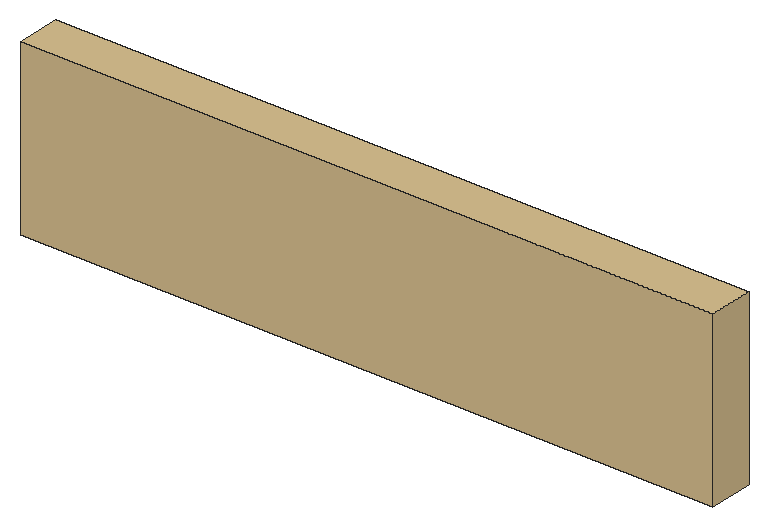
Revit family
Parameters (values of type "79X305")
  Start Extension Calculation [instance] = 3000 mm + Start Extension  # 3000 mm
  Start Extension [instance] = 0 mm
  Length [instance] = 1524 mm
  b = 79 mm
  d = 305 mm
  Keynote = "G20/330"
  End Extension Calculation [instance] = 3000 mm + End Extension  # 3000 mm
  End Extension [instance] = 0 mm
  Beam Material [instance] = Wood - Dimensional Lumber
Types (3, lengths in mm): name | b | d
  (no name) | 79 | 305
  79X305 | 79 | 305
  130X381 | 130 | 381
Reference planes
  plane 1 "Center (Front/Back)": y = 0
  plane 2: z = 0
  plane 3 "Center (Left/Right)": x = 4.61
  plane 4 "Member Left": x = -604.99
  plane 5 "Member Right": x = 614.21
  plane 6: y = 39.5
  plane 7: y = -39.5
  plane 8: z = 152.5
  plane 9: z = -152.5
  plane 10 "Left": x = -757.39
  plane 11 "Stick Symbol Left": x = -452.59
  plane 12 "Stick Symbol Right": x = 461.81
  plane 13 "Right": x = 766.61
  plane 14: x = -604.99
  plane 15: x = 614.21
  plane 16: x = 2395.01
  plane 17: x = -2385.79
Forms (mm)
  Sweep 1, solid, material "Wood - Dimensional Lumber" <- "Beam Material", detail levels medium+fine
    path origin (0, 0, 0) x (1, 0, 0) y (0, 1, 0)
      loop
        line (614.21, 0) -> (-604.99, 0)
    profile "M_Rectangular Wood Beam-Profile : M_Rectangular Wood Beam-Profile" origin (4.61, 0, 0) x (0, -1, 0) y (0, 0, 1)
      loop
        line (-39.5, -152.5) -> (39.5, -152.5) -> (39.5, 152.5) -> (-39.5, 152.5) -> (-39.5, -152.5)
Lines and regions (mm)
  symbolic lines, style "Stick Symbols", detail levels coarse
    curve 1: line (4.61, 39.5, 152.5) -> (4.61, -39.5, 152.5)
    curve 2: line (4.61, -39.5, -152.5) -> (4.61, 39.5, -152.5)
    curve 3: line (4.61, -39.5, 152.5) -> (4.61, -39.5, -152.5)
    curve 4: line (4.61, 39.5, -152.5) -> (4.61, 39.5, 152.5)
Dimensions and locks
  "b": plane 6 to plane 7
  "d": plane 9 to plane 8
  equal spacing: plane 9, plane 2, plane 8
  equal spacing: plane 6, plane 1 "Center (Front/Back)", plane 7
  "Length": plane 10 "Left" to plane 13 "Right"
  locked: plane 17 to plane 5 "Member Right" at 3000
  locked: plane 4 "Member Left" to plane 16 at 3000
  "Start Extension Calculation": plane 14 to plane 16
  "End Extension Calculation": plane 17 to plane 15
  aligned and locked: Sweep 1 sketch curve to plane 1 "Center (Front/Back)"
  aligned and locked: curve 1 to Sweep 1
  aligned and locked: curve 2 to Sweep 1
  aligned and locked: curve 3 to Sweep 1
  aligned and locked: curve 4 to Sweep 1
  aligned and locked: plane 14 to Sweep 1 sketch curve
  aligned and locked: plane 15 to Sweep 1 sketch curve
